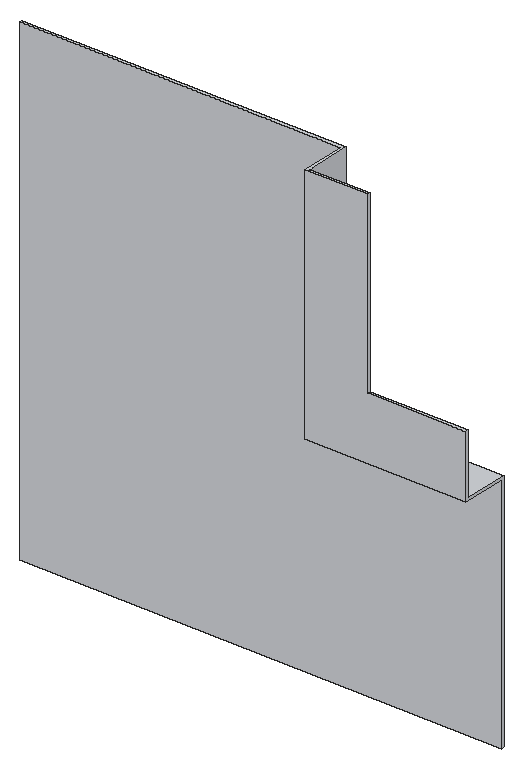
Revit family "810012fb-3744-414f-8308-4d335fac9bc0", category Generic Models, Revit 2012
Parameters (values of type "As Specified")
  Unit Width = 0' - 7 1/8"
  Unit Height = 0' - 6"
  Unit Depth = 0' - 6"
  URL = "http://www.hyload.com/"
  Thickness = 0' - 0 1/16"
  Specification = "http://www.arcat.com/sdspecs/htm04/07_65_00hyl.htm"
  Sales Information = "http://www.hyload.com/contact-us"
  Revision = "R1_12-2015"
  Product Properties = "http://www.hyload.com/masonry-flashing/preformed-shapes/"
  Product Data = "http://www.arcat.com/arcatcos/cos33/arc33176.html"
  Model = "Window Corner"
  Manufacturer Website = "http://www.hyload.com/"
  Manufacturer Phone - Toll Free = "800-457-4056"
  Manufacturer Phone = "330-769-3546"
  Manufacturer Fax = "330-769-4153"
  Manufacturer Address = "5020 Panther Pkwy., Seville, OH 44273"
  Manufacturer = "Hyload"
  Keynote = "07 65 00"
  Flashing Material = Hyload Flashing Membrane - Grey
  Drawn By = "Robert S. Weygant / Sumex Design"
  Description = "Preformed Hyload Masonry Flashing - Window Corner"
  Copyright = "(c) ARCAT, Inc, 2015"
  Construction Details = "http://www.arcat.com/details/hyload/hyload.html?coid=33176"
  Assembly Code = "B3010400"
Reference planes (in)
  plane 1 "Center (Front/Back)": y = 0
  plane 2: z = 0
  plane 3 "Center (Left/Right)": x = 0
  plane 4: x = 4
  plane 5: z = 6
  plane 6: y = -1.125
  plane 7: z = 12
  plane 8: x = -8
Forms (in)
  Sweep 1, solid
    path origin (0, 0, 0) x (1, 0, 0) y (0, 0, 1)
      loop
        line (4, 6) -> (0, 6) -> (0, 12)
    profile origin (2, 0, 6) x (0, 0, -1) y (0, -1, 0)
      loop
        line (0, 0) -> (0, 1.125) -> (-1.5625, 1.125) -> (-1.5625, 1.0625) -> (-0.0625, 1.0625) -> (-0.0625, -0.0625) -> (6, -0.0625) -> (6, 0) -> (0, 0)
  Extrusion 2, solid
    sketch origin (0, 0, 0) x (1, 0, 0) y (0, 0, 1)
      loop
        line (-8, 12) -> (-8, 0) -> (-6, 0) -> (-6, 12) -> (-8, 12)
    from -0.0625 to 0
Cuts and joins
  joined: Sweep 1, Extrusion 2
Dimensions and locks (in)
  "Unit Height": plane 5 to level
  plane 1 "Center (Front/Back)" to plane 6 = 0' - 1 1/8"
  plane 7 to level = 1' - 0"
  plane 4 to plane 3 "Center (Left/Right)" = 0' - 4"
  plane 4 to plane 8 = 1' - 0"
  aligned and locked: plane 2 to level
  aligned and locked: plane 3 "Center (Left/Right)" to Sweep 1 sketch curve
  aligned and locked: plane 5 to Sweep 1 sketch curve  (x2)
  aligned and locked: Sweep 1 sketch curve to plane 6
  aligned and locked: Sweep 1 sketch curve to level
  aligned and locked: plane 7 to Sweep 1 sketch curve
  aligned and locked: Extrusion 2 sketch curve to plane 7
  aligned and locked: plane 8 to Extrusion 2 sketch curve
  aligned and locked: Sweep 1 to Extrusion 2 sketch curve
  aligned and locked: Extrusion 2 sketch curve to Sweep 1
  aligned and locked: Sweep 1 to Extrusion 2
  aligned and locked: plane 1 "Center (Front/Back)" to Extrusion 2
Automatic sketch dimensions
  profile plane to Sweep 1 sketch curve = 0' - 1 9/16"
  profile plane to Sweep 1 sketch curve = 0' - 0 1/16"
  Sweep 1 sketch curve to Sweep 1 sketch curve = 0' - 0 1/16"  (x2)
  Sweep 1 sketch curve to plane 1 "Center (Front/Back)" = 0' - 0"
  Sweep 1 sketch curve to plane 4 = 0' - 0"
